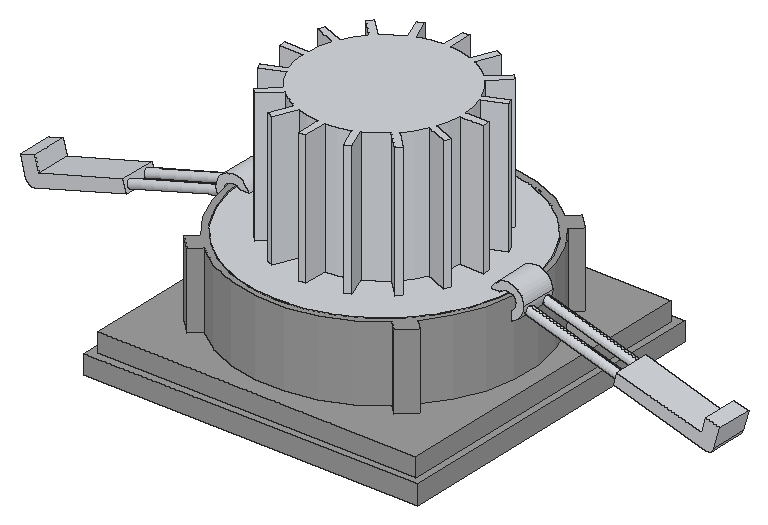
Revit family "Alcon-14144-S-DIR-B-Revit-Family", category Lighting Fixtures, host Ceiling, Revit 2021
Family settings
  Host = Ceiling
  Round Connector Dimension = Use Diameter
  Part Type = Normal
  Always vertical = Yes
  Cut with Voids When Loaded = No
  Light Source = Yes
  Shared = No
  Room Calculation Point = No
Parameters
  Wattage = 9.2903 W
  built-in parameter 1150110 = 1 (stored number, unit not read)
  built-in parameter 1114217 = 1 (stored number, unit not read)
  Tilt Angle = 60.00°
  built-in parameter 1150109 = 1 (stored number, unit not read)
  built-in parameter 1150134 = 3
  built-in parameter 1150113 = 1 (stored number, unit not read)
  built-in parameter 1010507 = 1.5708 (stored number, unit not read)
  built-in parameter 1010506 = 0.5236 (stored number, unit not read)
  Reflector = Default
  Product Identity = "Alcon Light 14144-S-DIR-B"
  Metal = none
  Manufacturer = "Alcon Light"
  built-in parameter 1150105 = 4614.1 (stored number, unit not read)
  Lumens = 1380 lm
  built-in parameter 1150115 = 1 (stored number, unit not read)
  Link To Product Page = "https://www.alconlighting.com/14144-s-dir-b.html"
  Light Source Symbol Length = 10' - 0"
  Light Source = Light Source
  built-in parameter 1150137 = (empty or 0)
  built-in parameter 1150139 = (empty or 0)
  Lens = Glass
  built-in parameter 1150112 = 1 (stored number, unit not read)
  built-in parameter 1150114 = 1 (stored number, unit not read)
  built-in parameter 1150132 = (empty or 0)
  built-in parameter 1150102 = (empty or 0)
  built-in parameter 1150107 = 3200 (stored number, unit not read)
  built-in parameter 1150138 = (empty or 0)
  built-in parameter 1150106 = 46.141 (stored number, unit not read)
  Housing = Default
  Engine = none
  built-in parameter 1150104 = 13.8 (stored number, unit not read)
  Dimming Lamp Color Temperature Shift = (empty or 0)
  Default Elevation = 0' - 0"
  Color Filter = 16777215
  built-in parameter 1114218 = 1 (stored number, unit not read)
  built-in parameter 1150133 = 10 (stored number, unit not read)
Reference planes (in)
  plane 1 "Center (Front/Back)": y = 0
  plane 2 "Ceiling": z = 96
  plane 3 "Center (Left/Right)": x = 0
Forms (in)
  Extrusion 1, void
    sketch origin (0, 0, 96) x (1, 0, 0) y (0, 1, 0)
      loop
        line (-1.59375, 1.59375) -> (-1.59375, -1.59375) -> (1.59375, -1.59375) -> (1.59375, 1.59375) -> (-1.59375, 1.59375)
    from -0.2445 to 0.67578
  Extrusion 2, void
    sketch origin (0, 0, -0.28465) x (0, 1, 0) y (0, 0, 1)
      loop
        line (0.18604, 96.97362) -> (0.18604, 97.06477) -> (-0.18604, 97.06477) -> (-0.18604, 96.97362) -> (0.18604, 96.97362)
    from -1.51976 to 1.51976
  Extrusion 3, solid, material <- "Engine"
    sketch origin (0, 0, 36.23322) x (1, 0, 0) y (0, 1, 0)
      loop
        arc (-0.34282, 0.91409) -> (-0.3736, 0.90195) -> (-0.40395, 0.88877) r 0.97626
        line (-0.40395, 0.88877) -> (-0.3173, 0.67958)
        arc (-0.3173, 0.67958) -> (-0.41668, 0.6236) -> (-0.50642, 0.55321) r 0.75
        line (-0.50642, 0.55321) -> (-0.66653, 0.71332)
        arc (-0.66653, 0.71332) -> (-0.69032, 0.69032) -> (-0.71332, 0.66653) r 0.97626
        line (-0.71332, 0.66653) -> (-0.55321, 0.50642)
        arc (-0.55321, 0.50642) -> (-0.6236, 0.41668) -> (-0.67958, 0.3173) r 0.75
        line (-0.67958, 0.3173) -> (-0.88877, 0.40395)
        arc (-0.88877, 0.40395) -> (-0.90195, 0.3736) -> (-0.91409, 0.34282) r 0.97626
        line (-0.91409, 0.34282) -> (-0.70489, 0.25617)
        arc (-0.70489, 0.25617) -> (-0.73559, 0.14632) -> (-0.74927, 0.03308) r 0.75
        line (-0.74927, 0.03308) -> (-0.9757, 0.03308)
        arc (-0.9757, 0.03308) -> (-0.97626, 0) -> (-0.9757, -0.03308) r 0.97626
        line (-0.9757, -0.03308) -> (-0.74927, -0.03308)
        arc (-0.74927, -0.03308) -> (-0.73559, -0.14632) -> (-0.70489, -0.25617) r 0.75
        line (-0.70489, -0.25617) -> (-0.91409, -0.34282)
        arc (-0.91409, -0.34282) -> (-0.90195, -0.3736) -> (-0.88877, -0.40395) r 0.97626
        line (-0.88877, -0.40395) -> (-0.67958, -0.3173)
        arc (-0.67958, -0.3173) -> (-0.6236, -0.41668) -> (-0.55321, -0.50642) r 0.75
        line (-0.55321, -0.50642) -> (-0.71332, -0.66653)
        arc (-0.71332, -0.66653) -> (-0.69032, -0.69032) -> (-0.66653, -0.71332) r 0.97626
        line (-0.66653, -0.71332) -> (-0.50642, -0.55321)
        arc (-0.50642, -0.55321) -> (-0.41668, -0.6236) -> (-0.3173, -0.67958) r 0.75
        line (-0.3173, -0.67958) -> (-0.40395, -0.88877)
        arc (-0.40395, -0.88877) -> (-0.3736, -0.90195) -> (-0.34282, -0.91409) r 0.97626
        line (-0.34282, -0.91409) -> (-0.25617, -0.70489)
        arc (-0.25617, -0.70489) -> (-0.14632, -0.73559) -> (-0.03308, -0.74927) r 0.75
        line (-0.03308, -0.74927) -> (-0.03308, -0.9757)
        arc (-0.03308, -0.9757) -> (0, -0.97626) -> (0.03308, -0.9757) r 0.97626
        line (0.03308, -0.9757) -> (0.03308, -0.74927)
        arc (0.03308, -0.74927) -> (0.14632, -0.73559) -> (0.25617, -0.70489) r 0.75
        line (0.25617, -0.70489) -> (0.34282, -0.91409)
        arc (0.34282, -0.91409) -> (0.3736, -0.90195) -> (0.40395, -0.88877) r 0.97626
        line (0.40395, -0.88877) -> (0.3173, -0.67958)
        arc (0.3173, -0.67958) -> (0.41668, -0.6236) -> (0.50642, -0.55321) r 0.75
        line (0.50642, -0.55321) -> (0.66653, -0.71332)
        arc (0.66653, -0.71332) -> (0.69032, -0.69032) -> (0.71332, -0.66653) r 0.97626
        line (0.71332, -0.66653) -> (0.55321, -0.50642)
        arc (0.55321, -0.50642) -> (0.6236, -0.41668) -> (0.67958, -0.3173) r 0.75
        line (0.67958, -0.3173) -> (0.88877, -0.40395)
        arc (0.88877, -0.40395) -> (0.90195, -0.3736) -> (0.91409, -0.34282) r 0.97626
        line (0.91409, -0.34282) -> (0.70489, -0.25617)
        arc (0.70489, -0.25617) -> (0.73559, -0.14632) -> (0.74927, -0.03308) r 0.75
        line (0.74927, -0.03308) -> (0.9757, -0.03308)
        arc (0.9757, -0.03308) -> (0.97626, 0) -> (0.9757, 0.03308) r 0.97626
        line (0.9757, 0.03308) -> (0.74927, 0.03308)
        arc (0.74927, 0.03308) -> (0.73559, 0.14632) -> (0.70489, 0.25617) r 0.75
        line (0.70489, 0.25617) -> (0.91409, 0.34282)
        arc (0.91409, 0.34282) -> (0.90195, 0.3736) -> (0.88877, 0.40395) r 0.97626
        line (0.88877, 0.40395) -> (0.67958, 0.3173)
        arc (0.67958, 0.3173) -> (0.6236, 0.41668) -> (0.55321, 0.50642) r 0.75
        line (0.55321, 0.50642) -> (0.71332, 0.66653)
        arc (0.71332, 0.66653) -> (0.69032, 0.69032) -> (0.66653, 0.71332) r 0.97626
        line (0.66653, 0.71332) -> (0.50642, 0.55321)
        arc (0.50642, 0.55321) -> (0.41668, 0.6236) -> (0.3173, 0.67958) r 0.75
        line (0.3173, 0.67958) -> (0.40395, 0.88877)
        arc (0.40395, 0.88877) -> (0.3736, 0.90195) -> (0.34282, 0.91409) r 0.97626
        line (0.34282, 0.91409) -> (0.25617, 0.70489)
        arc (0.25617, 0.70489) -> (0.14632, 0.73559) -> (0.03308, 0.74927) r 0.75
        line (0.03308, 0.74927) -> (0.03308, 0.9757)
        arc (0.03308, 0.9757) -> (0, 0.97626) -> (-0.03308, 0.9757) r 0.97626
        line (-0.03308, 0.9757) -> (-0.03308, 0.74927)
        arc (-0.03308, 0.74927) -> (-0.14632, 0.73559) -> (-0.25617, 0.70489) r 0.75
        line (-0.25617, 0.70489) -> (-0.34282, 0.91409)
    from 60.66791 to 61.93461
  Extrusion 4, solid, material "Default" <- "Housing"
    sketch origin (0, 0, 96) x (1, 0, 0) y (0, 1, 0)
      loop
        arc (-0.89681, -1.03603) -> (0, -1.37026) -> (0.89681, -1.03603) r 1.37026
        line (0.89681, -1.03603) -> (0.98879, -1.128)
        arc (0.98879, -1.128) -> (1.06068, -1.06068) -> (1.128, -0.98879) r 1.50003
        line (1.128, -0.98879) -> (1.03603, -0.89681)
        arc (1.03603, -0.89681) -> (1.37026, 0) -> (1.03603, 0.89681) r 1.37026
        line (1.03603, 0.89681) -> (1.128, 0.98879)
        arc (1.128, 0.98879) -> (1.06068, 1.06068) -> (0.98879, 1.128) r 1.50003
        line (0.98879, 1.128) -> (0.89681, 1.03603)
        arc (0.89681, 1.03603) -> (0, 1.37026) -> (-0.89681, 1.03603) r 1.37026
        line (-0.89681, 1.03603) -> (-0.98879, 1.128)
        arc (-0.98879, 1.128) -> (-1.06068, 1.06068) -> (-1.128, 0.98879) r 1.50003
        line (-1.128, 0.98879) -> (-1.03603, 0.89681)
        arc (-1.03603, 0.89681) -> (-1.37026, 0) -> (-1.03603, -0.89681) r 1.37026
        line (-1.03603, -0.89681) -> (-1.128, -0.98879)
        arc (-1.128, -0.98879) -> (-1.06068, -1.06068) -> (-0.98879, -1.128) r 1.50003
        line (-0.98879, -1.128) -> (-0.89681, -1.03603)
      loop
        circle (0, 0) r 1.3128
    from 0.184 to 0.90114
  Extrusion 5, solid, material <- "Metal"
    sketch origin (-0.21039, 0, -62.41422) x (1, 0, 0) y (0, 0, 1)
      loop
        circle (-1.10049, 159.26129) r 0.16048
      loop
        circle (-1.10049, 159.26129) r 0.08524
    from -0.16797 to 0.16797
  Extrusion 6, solid, material <- "Metal"
    sketch origin (-134.01209, 0, 8.72401) x (0.54711, 0, -0.837061) y (0.837061, 0, 0.54711)
      loop
        line (-1.52969, 158.27878) -> (-1.77581, 157.47373) -> (-1.91808, 157.51723) -> (-1.95893, 157.3836) -> (-1.76507, 157.32433)
        arc (-1.76507, 157.32433) -> (-1.71422, 157.32923) -> (-1.68172, 157.36866) r 0.06675
        line (-1.68172, 157.36866) -> (-1.41427, 158.24349) -> (-1.52969, 158.27878)
    from -0.16797 to 0.16797
  Extrusion 7, solid, material <- "Metal"
    sketch origin (-2.29245, 0, 96.49605) x (-0.278479, 0, 0.960442) y (0, -1, 0)
      loop
        circle (0.05869, -0.09783) r 0.04098
      loop
        circle (0.05869, 0.10564) r 0.04098
    from -0.03586 to 0.91861
  Extrusion 8, solid, material <- "Engine"
    sketch origin (0, 0, 96) x (1, 0, 0) y (0, 1, 0)
      loop
        circle (0, 0) r 1.3128
    from 0.82596 to 0.90114
  Sweep 9, solid, material "Default" <- "Housing"
    path origin (0, 0, 96) x (1, 0, 0) y (0, 1, 0)
      loop
        line (-1.59375, 1.59375) -> (-1.59375, -1.59375) -> (1.59375, -1.59375) -> (1.59375, 1.59375) -> (-1.59375, 1.59375)
    profile origin (-1.59375, 0, 96) x (1, 0, 0) y (0, 0, 1)
      loop
        line (0.07399, 0) -> (0, 0) -> (0, -0.18338) -> (0.59375, -0.18338) -> (0.60811, 0.18016) -> (0.07399, 0.18016) -> (0.07399, 0)
  Extrusion 10, solid, material <- "Metal"
    sketch origin (0.21039, 0, -62.41422) x (-1, 0, 0) y (0, 0, -1)
      loop
        circle (-1.10049, -159.26129) r 0.16048
      loop
        circle (-1.10049, -159.26129) r 0.08524
    from -0.16797 to 0.16797
  Extrusion 11, solid, material <- "Metal"
    sketch origin (134.01209, 0, 8.72401) x (-0.54711, 0, -0.837061) y (0.837061, 0, -0.54711)
      loop
        line (-1.52969, -158.27878) -> (-1.41427, -158.24349) -> (-1.68172, -157.36866)
        arc (-1.68172, -157.36866) -> (-1.71422, -157.32923) -> (-1.76507, -157.32433) r 0.06675
        line (-1.76507, -157.32433) -> (-1.95893, -157.3836) -> (-1.91808, -157.51723) -> (-1.77581, -157.47373) -> (-1.52969, -158.27878)
    from -0.16797 to 0.16797
  Extrusion 12, solid, material <- "Metal"
    sketch origin (2.29245, 0, 96.49605) x (0.278479, 0, 0.960442) y (0, 1, 0)
      loop
        circle (0.05869, 0.09783) r 0.04098
      loop
        circle (0.05869, -0.10564) r 0.04098
    from -0.03586 to 0.91861
  Sweep 13, solid, material "Default" <- "Reflector"
    path origin (0, 0, 96) x (1, 0, 0) y (0, 1, 0)
      loop
        line (-1.59375, 1.59375) -> (-1.59375, -1.59375) -> (1.59375, -1.59375) -> (1.59375, 1.59375) -> (-1.59375, 1.59375)
    profile origin (-1.59375, 0, 96) x (1, 0, 0) y (0, 0, 1)
      loop
        line (0.59375, -0.18338) -> (0.64453, 0.01948) -> (0.6129, 0.0274) -> (0.62236, 0.06518) -> (0.65399, 0.05726) -> (0.68904, 0.19729) -> (0.65742, 0.20521) -> (0.66688, 0.24299) -> (0.6985, 0.23507) -> (0.73356, 0.3751) -> (0.70193, 0.38302) -> (0.71139, 0.4208) -> (0.74301, 0.41288) -> (0.77807, 0.55291) -> (0.74644, 0.56083) -> (0.7559, 0.59861) -> (0.78753, 0.59069) -> (0.82258, 0.73072) -> (0.79095, 0.73864) -> (0.80041, 0.77642) -> (0.83204, 0.7685) -> (0.84642, 0.82596) -> (0.76978, 0.82596) -> (0.60811, 0.18016) -> (0.59375, -0.18338)
Cuts and joins
  Extrusion 2 cuts Extrusion 4
Dimensions and locks (in)
  equal spacing: host sketch curve, plane 3 "Center (Left/Right)", host sketch curve
  equal spacing: host sketch curve, plane 1 "Center (Front/Back)", host sketch curve
  host sketch curve to host sketch curve = 10' - 0"  (x2)
